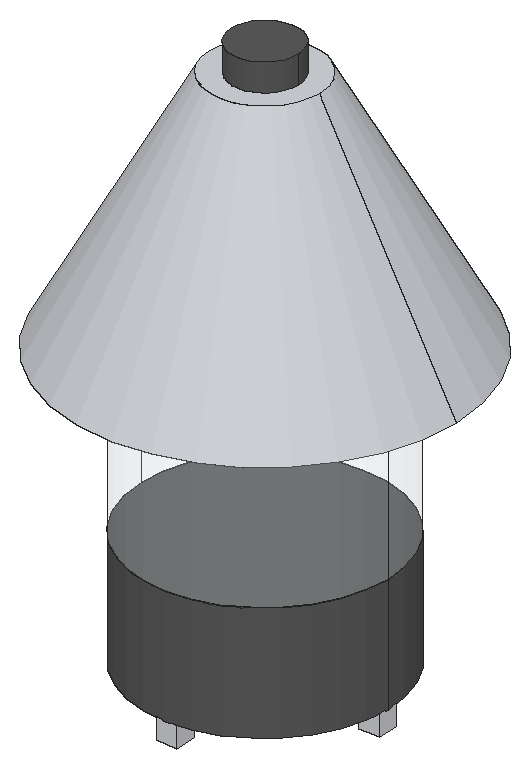
Revit family "montigo-commercial-round-fireplace-R36X30", category Generic Models, Revit 2019
Family settings
  Can host rebar = No
  Round Connector Dimension = Use Diameter
  Part Type = Normal
  Work Plane-Based = No
  Always vertical = Yes
  Cut with Voids When Loaded = No
  Shared = No
  Room Calculation Point = No
Parameters
  URL = "https://www.montigo.com/"
  Model = ""
  Manufacturer Fax = ""
  Manufacturer Website = "https://www.montigo.com/"
  Manufacturer Phone - Toll Free = "800-378-3115"
  Manufacturer Phone = ""
  Manufacturer Address = "27342 Gloucester Way  Langley, BC, Canada   V4W 4A1"
  Manufacturer = "Montigo"
  Keynote = ""
  Glazing Tint = Glass - Montigo - Tint as Specified
  Frame Material = Metal - Montigo - Black
  Firebox Material = Metal - Montigo - White
  Description = "Montigo Fireplace as Specified"
Reference planes (in)
  plane 1 "Center (Front/Back)": y = 0
  plane 2: z = 0
  plane 3 "Center (Left/Right)": x = 0
Forms (in)
  Extrusion 1, solid, material "Metal - Montigo - Black" <- "Frame Material"
    sketch origin (15, -15, 0) x (1, 0, 0) y (0, 1, 0)
      loop
        circle (-15, 15) r 18
    from 3 to 20
  Extrusion 2, solid, material "Glass - Montigo - Tint as Specified" <- "Glazing Tint"
    sketch origin (15, -15, 0) x (1, 0, 0) y (0, 1, 0)
      loop
        circle (-15, 15) r 18
    from 20 to 44
  SweptBlend 3, solid
    path origin (19.1875, -6.15625, 0) x (-1, 0, 0) y (0, 0, -1)
      loop
        line (19.1875, -44) -> (19.1875, -80)
    profile origin (0, -6.15625, 44) x (-1, 0, 0) y (0, -1, 0)
      loop
        circle (0, -6.15625) r 28
    end profile origin (0, -6.15625, 80) x (-1, 0, 0) y (0, -1, 0)
      loop
        circle (0, -6.15625) r 8
  Extrusion 4, solid, material "Metal - Montigo - Black" <- "Frame Material"
    sketch origin (15, -15, 0) x (1, 0, 0) y (0, 1, 0)
      loop
        circle (-15, 15) r 4.875
    from 80 to 84
  Extrusion 5, solid
    sketch origin (0, 0, 0) x (1, 0, 0) y (0, 1, 0)
      loop
        line (-1.5, 14.93739) -> (1.5, 14.93739) -> (1.5, 17.93739) -> (-1.5, 17.93739) -> (-1.5, 14.93739)
      loop
        line (14.93739, 1.5) -> (14.93739, -1.5) -> (17.93739, -1.5) -> (17.93739, 1.5) -> (14.93739, 1.5)
      loop
        line (-14.93739, -1.5) -> (-14.93739, 1.5) -> (-17.93739, 1.5) -> (-17.93739, -1.5) -> (-14.93739, -1.5)
      loop
        line (1.5, -14.93739) -> (-1.5, -14.93739) -> (-1.5, -17.93739) -> (1.5, -17.93739) -> (1.5, -14.93739)
    from 0 to 3
Dimensions and locks (in)
  aligned and locked: level to plane 2
Connectors (in)
  hvac at (0, 0, 84)
    settings: on Extrusion 4, index 1, duct flow 0.0 L/s, flow factor 0, pres drop 0.0 Pa, loss coef 0, conn angle 0.00°, conn width 304.8 mm, conn height 304.8 mm, conn diameter 247.65 mm, duct sys type 3, conn prof type 0, flow config 0, flow direction 0, loss method 0, conn ref index -1, conn util no, is conn primary yes, conn desc ""
